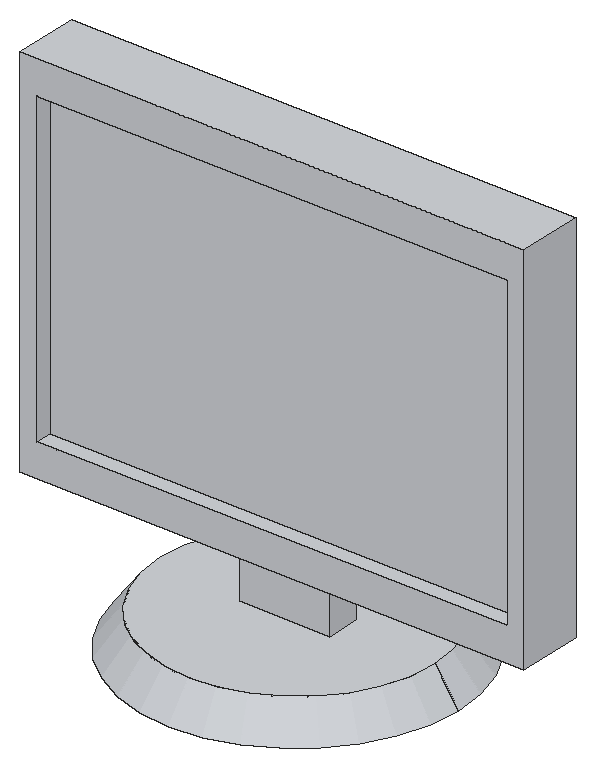
Revit family "722625d2a2524642a3fcd1808c19c1c4", category Communication Devices, Revit 2021
Family settings
  Maintain Annotation Orientation = No
  Round Connector Dimension = Use Diameter
  Part Type = Normal
  OmniClass Number = 23.85.10.17.11
  OmniClass Title = Audio-Visual System Components
  Seek Item ID = TV - Square-0000-USA-ENU
  Work Plane-Based = No
  Always vertical = Yes
  Cut with Voids When Loaded = No
  Shared = No
  Room Calculation Point = No
Parameters (values of type "Standard")
  Width 1 = Width * 0.4  # 0' - 3.87969"
  TV Material = none
  Width = 0' - 9 179/256"
  Length = 2' - 6 51/128"
  Height 2 = 0' - 2"
  Height 1 = 0' - 5"
  Height = 1' - 10 179/256"
  Radius 1 = Width * 0.85  # 0' - 8.24434"
  Default Elevation = 0' - 0"
Reference planes (in)
  plane 1 "Center (Front/Back)": y = 0
  plane 2: z = 0
  plane 3 "Center (Left/Right)": x = 0
  plane 4: z = 5
  plane 5: z = 27.69922
  plane 6: x = -15.19922
  plane 7: x = 15.19922
  plane 8: y = 1.93984
  plane 9: y = -1.93984
  plane 10: z = 2
Forms (in)
  Extrusion 1, solid, material <- "TV Material"
    sketch origin (0, 0, 0) x (1, 0, 0) y (0, 0, 1)
      loop
        line (-15.19922, 27.69922) -> (-15.19922, 5) -> (15.19922, 5) -> (15.19922, 27.69922) -> (-15.19922, 27.69922)
    from -1.93984 to 1.93984
  Extrusion 2, solid, material <- "TV Material"
    sketch origin (0, 0, 0) x (1, 0, 0) y (0, 1, 0)
      loop
        line (-2.72335, 1) -> (-2.72335, -1) -> (2.72335, -1) -> (2.72335, 1) -> (-2.72335, 1)
    from 2 to 5
  Blend 3, solid, material <- "TV Material"
    base sketch origin (0, 0, 0) x (1, 0, 0) y (0, 1, 0)
      loop
        circle (0, 0) r 9.69922
    top sketch origin (0, 0, 0) x (1, 0, 0) y (0, 1, 0)
      loop
        circle (0, 0) r 8.24434
    from 0 to 2
  Extrusion 4, void
    sketch origin (0, 0, 0) x (1, 0, 0) y (0, 0, 1)
      loop
        line (14.19922, 25.69922) -> (-14.19922, 25.69922) -> (-14.19922, 7) -> (14.19922, 7) -> (14.19922, 25.69922)
    from 1.93984 to 0.93984
Cuts and joins
  Extrusion 4 cuts Extrusion 1
  joined: Extrusion 1, Extrusion 2, Blend 3
Lines and regions (in)
  symbolic lines, detail levels fine
    curve 1: line (15.19922, 1.93984, 0) -> (-15.19922, 1.93984, 0)
    curve 2: line (-15.19922, 1.93984, 0) -> (-15.19922, -1.93984, 0)
    curve 3: line (-15.19922, -1.93984, 0) -> (15.19922, -1.93984, 0)
    curve 4: line (15.19922, -1.93984, 0) -> (15.19922, 1.93984, 0)
    curve 5: arc (9.50325, -1.93984, 0) -> (0, -9.69922, 0) -> (-9.50325, -1.93984, 0) r 9.69922
    curve 6: arc (-9.50325, 1.93984, 0) -> (0, 9.69922, 0) -> (9.50325, 1.93984, 0) r 9.69922
    curve 7: arc (8.01287, 1.93984, 0) -> (0, 8.24434, 0) -> (-8.01287, 1.93984, 0) r 8.24434
    curve 8: arc (-8.01287, -1.93984, 0) -> (0, -8.24434, 0) -> (8.01287, -1.93984, 0) r 8.24434
Dimensions and locks (in)
  "Height 1": plane 4 to plane 2
  "Height": plane 5 to plane 4
  equal spacing: plane 7, plane 3 "Center (Left/Right)", plane 6
  "Length": plane 7 to plane 6
  equal spacing: plane 9, plane 1 "Center (Front/Back)", plane 8
  "Width 1": plane 8 to plane 9
  "Height 2": plane 10 to plane 2
  equal spacing: Extrusion 2 sketch curve, plane 3 "Center (Left/Right)", Extrusion 2 sketch curve
  equal spacing: Extrusion 2 sketch curve, plane 1 "Center (Front/Back)", Extrusion 2 sketch curve
  locked: Extrusion 4 to plane 9 at 1
  "Width": radius of Blend 3 sketch curve
  "Radius 1": radius of Blend 3 sketch curve
  aligned and locked: plane 6 to Extrusion 1 sketch curve
  aligned and locked: Extrusion 1 sketch curve to plane 5
  aligned and locked: plane 4 to Extrusion 1 sketch curve
  aligned and locked: plane 7 to Extrusion 1 sketch curve
  aligned and locked: Extrusion 1 to plane 8
  aligned and locked: Extrusion 1 to plane 9
  aligned and locked: plane 4 to Extrusion 2
  aligned and locked: Extrusion 2 to plane 10
  aligned and locked: plane 1 "Center (Front/Back)" to Blend 3 sketch curve  (x2)
  aligned and locked: plane 3 "Center (Left/Right)" to Blend 3 sketch curve  (x2)
  aligned and locked: Blend 3 to plane 2
  aligned and locked: plane 10 to Blend 3
  aligned and locked: cut or joined group of Extrusion 1, Extrusion 2, Blend 3, Extrusion 4 to curve 1
  aligned and locked: curve 2 to cut or joined group of Extrusion 1, Extrusion 2, Blend 3, Extrusion 4
  aligned and locked: curve 3 to cut or joined group of Extrusion 1, Extrusion 2, Blend 3, Extrusion 4
  aligned and locked: curve 4 to cut or joined group of Extrusion 1, Extrusion 2, Blend 3, Extrusion 4
  aligned and locked: curve 5 to cut or joined group of Extrusion 1, Extrusion 2, Blend 3, Extrusion 4
  aligned and locked: curve 6 to cut or joined group of Extrusion 1, Extrusion 2, Blend 3, Extrusion 4
  aligned and locked: curve 7 to cut or joined group of Extrusion 1, Extrusion 2, Blend 3, Extrusion 4
  aligned and locked: curve 8 to cut or joined group of Extrusion 1, Extrusion 2, Blend 3, Extrusion 4
  aligned and locked: plane 1 "Center (Front/Back)" to nested 1
  aligned and locked: plane 3 "Center (Left/Right)" to nested 1
  aligned and locked: Extrusion 4 to plane 9
Automatic sketch dimensions
  Extrusion 2 sketch curve to plane 3 "Center (Left/Right)" = 0' - 2.72335"
  plane 1 "Center (Front/Back)" to Extrusion 2 sketch curve = 0' - 1"
  plane 6 to Extrusion 4 sketch curve = 0' - 1"
  plane 7 to Extrusion 4 sketch curve = 0' - 1"
  plane 4 to Extrusion 4 sketch curve = 0' - 2"
  Extrusion 4 sketch curve to plane 5 = 0' - 2"
Nested families (in)
  nested 1: "TV - Square Annotation" at (0, 0, 0), type "TV - Square Annotation", detail levels coarse+medium
Connectors (in)
  electrical at (0, 1.93984, 16.34961)
    settings: on cut or joined group of Extrusion 1, Extrusion 2, Blend 3, Extrusion 4, index 1, voltage 0 V, apparent load 0 VA, apparent load phase1 0 VA, apparent load phase2 0 VA, apparent load phase3 0 VA, power factor 1, load classification "Other", number of poles 1, system type 14, power factor state 1, is connector primary yes, connector utility no, sub classification motor no, connector description ""
Definition of nested family "TV - Square Annotation"
  Parameters
    Label Annotation 2 = "V"
    Label Annotation 1 = "T"
  Reference planes (in)
    plane 1: y = 0
    plane 2: x = 0
  Lines and regions (in)
    reference lines
      curve 1: line (-0.10938, 0.11832, 0) -> (-0.10938, -0.39576, 0)
      curve 2: line (0.10937, 0.18664, 0) -> (0.10937, -0.39576, 0)
      curve 3: line (-0.2699, 0.10938, 0) -> (0.35142, 0.10938, 0)
      curve 4: line (-0.37147, -0.10937, 0) -> (0.37853, -0.10938, 0)
    detail lines
      curve 5: line (-0.10938, 0.10938, 0) -> (0.10937, 0.10938, 0)
      curve 6: line (-0.10938, -0.10937, 0) -> (-0.10938, 0.10938, 0)
      curve 7: line (0.10937, -0.10937, 0) -> (-0.10938, -0.10937, 0)
      curve 8: line (0.10937, 0.10938, 0) -> (0.10937, -0.10937, 0)
  Text (in)
    label "T" at (-0.06496, -0.0099, 0), shows "Label Annotation 1"
    label "V" at (0.00127, -0.04748, 0), shows "Label Annotation 2"
  Dimensions and locks (in)
    locked: curve 1 to plane 2 at 0.10937
    locked: plane 2 to curve 2 at 0.10938
    equal spacing: curve 4, plane 1, curve 3
    locked: curve 4 to curve 3 at 0.21875
    aligned and locked: curve 3 to curve 5
    aligned and locked: curve 6 to curve 1
    aligned and locked: curve 7 to curve 4
    aligned and locked: curve 2 to curve 8
